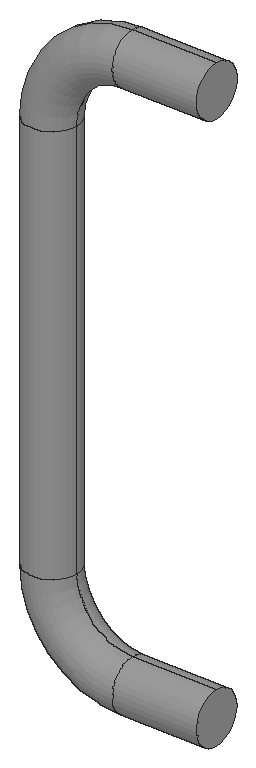
Revit family "DPH 301 A", category Specialty Equipment, Revit 2012
Parameters
  Type Comments = "DORMA DPH 301 A"
  Model = "DPH 301 A"
  Manufacturer = "DORMA"
  Description = "DORMA DPH 301 A"
Reference planes
  plane 1 "Center (Front/Back)": y = 0
  plane 2: z = 0
  plane 3 "Center (Left/Right)": x = 0
Forms (mm)
  Sweep 1, solid, material "Matt chrome"
    path origin (0, 0, 0) x (1, 0, 0) y (0, 0, 1)
      loop
        line (0, 0) -> (-42, 0)
        arc (-42, 0) -> (-70.284, 11.716) -> (-82, 40) r 40
        line (-82, 40) -> (-82, 240)
        arc (-82, 240) -> (-70.284, 268.284) -> (-42, 280) r 40
        line (-42, 280) -> (0, 280)
    profile origin (-21, 0, 0) x (0, 0, -1) y (0, -1, 0)
      loop
        circle (0, 0) r 12.5
Dimensions and locks
  aligned and locked: level to plane 2
